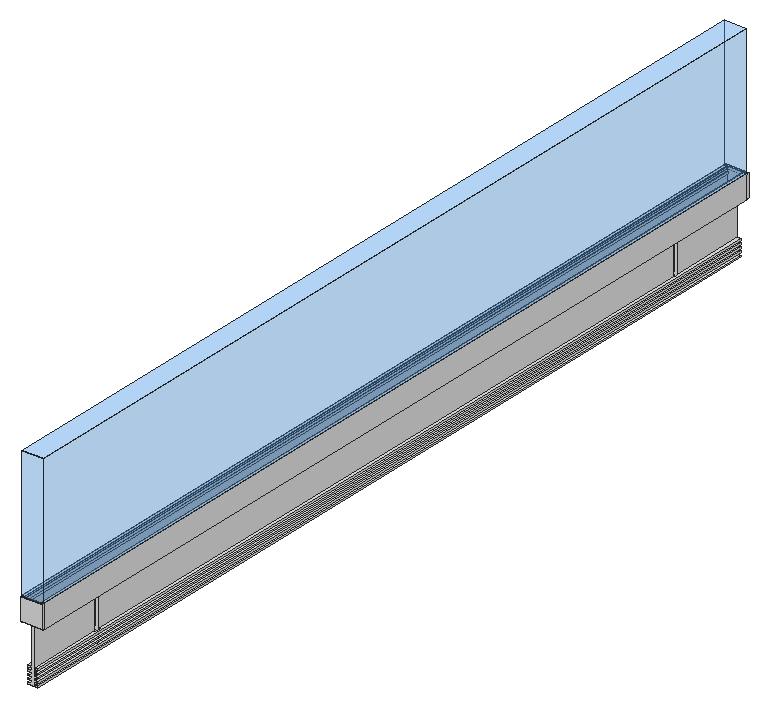
Revit family "TBARLED SMARTLIGHT 9-16_DIRECTIONAL SIGN_REVISED", category Lighting Fixtures, host Face, Revit 2012
Parameters (values of type "2' 9/16 - Directional Sign")
  nu = -0' - 0.608"
  Vo = 0' - 0"
  URL = "http://www.tbarledsmartlight.com/products.php"
  Type Comments = ""
  Tegular Tile [instance] = no
  T [instance] = if(Tegular Tile, 0' 0 5/16", 0' 0")  # 0' - 0"
  Model Created by = ""
  Model = "TBSL-HN-2-15-S-U-W"
  Manufacturer = "JLC-TECH"
  Fixture Length = 2' - 0"
  Description = "T-BAR LED Smartlight 9/16\" - Directional Sign"
  Default Elevation = 4' - 0"
Types (3): name | Vo | Model | Fixture Length
  (no name) | 0' - 0" | "TBSL-HN-2-15-S-U-W" | 2' - 0"
  2' 9/16 - Directional Sign | 0' - 0" | "TBSL-HN-2-15-S-U-W" | 2' - 0"
  4' 9/16 - Directional Sign | 0' - 0 1/16" | "TBSL-HN-4-15-S-U-W" | 4' - 0"
Reference planes (in)
  plane 1 "Center (Front/Back)": y = 0
  plane 2: z = 0
  plane 3 "Center (Left/Right)": x = 0
  plane 4: y = -12
  plane 5: y = 12
  plane 6 "LS": z = 0.62363
  plane 7 "O": z = 0
Dimensions and locks (in)
  equal spacing: plane 4, plane 1 "Center (Front/Back)", plane 5
  "Fixture Length": plane 4 to plane 5
  plane 6 "LS" to nested 1 = 0' - 0 1/64"
  locked: plane 6 "LS" to plane 7 "O" at 0.62363
  "T": plane 2 to plane 7 "O"
  aligned and locked: plane 2 to host face
  aligned and locked: level to host face
  aligned and locked: nested 1 to plane 1 "Center (Front/Back)"
  aligned and locked: nested 2 to nested 1  (x2)
Automatic sketch dimensions
  host sketch curve to host sketch curve = 1' - 3.4199"
  host sketch curve to host sketch curve = 4' - 0.6507"
Nested families (in)
  nested 1: "TBARLED_CASING_15" at (0, 0, 0.608) x (1, 0, 0) z (0, 0, -1), Fixture Length <- "Fixture Length", built-in parameter 1001364 <- "nu", type "TBARLED_CASING"
    with W-Casing 0' - 0 9/16", Fixture Length 2' - 0"
  nested 2: "TBARLED_POLY SIGN LENS" at (0, 0, 0.59335) x (1, 0, 0) z (0, 0, -1), type "TBARLED_POLY SIGN LENS"
    with Wb 0' - 0.70866", W 0' - 0 9/16", Text Display yes, Sign Text Height 0' - 1 1/2", Sign Text "TBar LED Smart Light", Sign Lens Length 1' - 11 1/32", Lens Text Color none
Definition of nested family "TBARLED_CASING_15"
  Parameters (values of type "TBARLED_CASING")
    W-Casing [instance] = 0' - 0 9/16"
    URL = "http://www.tbarledsmartlight.com/products.php"
    Model Created by = "Absolutecg.com"  # constant formula
    Manufacturer = "JLC - TECH"  # constant formula
    Lens Cover [instance] = 1' - 11 1/32"
    H1 = 0' - 2 1/32"  # constant formula
    Fixture Length [instance] = 2' - 0"
    Default Elevation = 4' - 0"
    Casing Material = TBAR-LED Casing Material
  Reference planes (in)
    plane 1 "Center (Front/Back)": y = 0
    plane 2: z = 0
    plane 3 "Center (Left/Right)": x = 0
    plane 4: y = -11.5625
    plane 5: y = 11.5625
    plane 6: x = -0.28125
    plane 7: x = 0.28125
    plane 8 "T": z = 2.01181
    plane 9: y = 12
    plane 10: y = -12
    plane 11 "1b": y = 11.51562
    plane 12 "1a": y = -11.51563
    plane 13 "2": y = 9.48437
    plane 14: y = -9.48438
    plane 15: z = 0.608
  Forms (in)
    Extrusion 1, solid, material "TBAR-LED Casing Material" <- "Casing Material", detail levels medium+fine
      sketch origin (0, 0, 0) x (1, 0, 0) y (0, 0, 1)
        loop
          line (0.1378, 2.01181) -> (-0.1378, 2.01181) -> (-0.1378, 1.97244) -> (-0.03937, 1.97244) -> (-0.03937, 1.91339) -> (-0.1378, 1.91339) -> (-0.1378, 1.87402) -> (-0.03937, 1.87402) -> (-0.03937, 1.81496) -> (-0.1378, 1.81496) -> (-0.1378, 1.77559) -> (-0.03937, 1.77559) -> (-0.03937, 1.71654) -> (-0.1378, 1.71654) -> (-0.1378, 1.67717) -> (-0.03937, 1.67717) -> (-0.03937, 1.61811) -> (-0.1378, 1.61811) -> (-0.1378, 1.57874) -> (-0.03937, 1.57874) -> (-0.03937, 0.5748) -> (-0.07062, 0.5748) -> (-0.07062, 0.53543) -> (-0.10628, 0.53543) -> (-0.10628, 0.5748) -> (-0.14565, 0.5748) -> (-0.14565, 0.53543) -> (-0.18502, 0.53543) -> (-0.18502, 0.5748) -> (-0.22439, 0.5748) -> (-0.22439, 0.53543)
          arc (-0.22439, 0.53543) -> (-0.25223, 0.54696) -> (-0.26376, 0.5748) r 0.03937
          line (-0.26376, 0.5748) -> (-0.26376, 0.608) -> (-0.29528, 0.608) -> (-0.29528, 0) -> (-0.20866, 0) -> (-0.20866, 0.03543) -> (-0.24016, 0.03543) -> (-0.24016, 0.12598) -> (-0.20866, 0.12598) -> (-0.20866, 0.16535) -> (-0.24016, 0.16535) -> (-0.24016, 0.48031) -> (0.24016, 0.48031) -> (0.24016, 0.16535) -> (0.20866, 0.16535) -> (0.20866, 0.12598) -> (0.24016, 0.12598) -> (0.24016, 0.03543) -> (0.20866, 0.03543) -> (0.20866, 0) -> (0.29528, 0) -> (0.29528, 0.608) -> (0.26376, 0.608) -> (0.26376, 0.5748)
          arc (0.26376, 0.5748) -> (0.25223, 0.54696) -> (0.22439, 0.53543) r 0.03937
          line (0.22439, 0.53543) -> (0.22439, 0.5748) -> (0.18502, 0.5748) -> (0.18502, 0.53543) -> (0.14565, 0.53543) -> (0.14565, 0.5748) -> (0.10628, 0.5748) -> (0.10628, 0.53543) -> (0.07062, 0.53543) -> (0.07062, 0.5748) -> (0.03937, 0.5748) -> (0.03937, 1.57874) -> (0.1378, 1.57874) -> (0.1378, 1.61811) -> (0.03937, 1.61811) -> (0.03937, 1.67717) -> (0.1378, 1.67717) -> (0.1378, 1.71654) -> (0.03937, 1.71654) -> (0.03937, 1.77559) -> (0.1378, 1.77559) -> (0.1378, 1.81496) -> (0.03937, 1.81496) -> (0.03937, 1.87402) -> (0.1378, 1.87402) -> (0.1378, 1.91339) -> (0.03937, 1.91339) -> (0.03937, 1.97244) -> (0.1378, 1.97244) -> (0.1378, 2.01181)
      from -11.51563 to 11.51563
    Sweep 2, void
      path origin (0, 9.48437, 0) x (1, 0, 0) y (0, 0, 1)
        loop
          line (0, 0.48031) -> (0, 2.01181)
      profile origin (0, 9.48437, 1.24606) x (-1, 0, 0) y (0, -1, 0)
        loop
          circle (0, 0) r 0.09375
    Sweep 3, void
      path origin (0, -9.48438, 0) x (1, 0, 0) y (0, 0, 1)
        loop
          line (0, 0.48031) -> (0, 2.01181)
      profile origin (0, -9.48438, 1.24606) x (-1, 0, 0) y (0, -1, 0)
        loop
          circle (0, 0) r 0.09375
    Extrusion 4, solid, material "TBAR-LED Casing Material" <- "Casing Material", detail levels coarse
      sketch origin (0, 0, 0) x (1, 0, 0) y (0, 0, 1)
        loop
          line (-0.1378, 2.01181) -> (-0.1378, 1.57874) -> (-0.03937, 1.57874) -> (-0.03937, 0.5748) -> (-0.29528, 0.5748) -> (-0.29528, 0) -> (-0.20472, 0) -> (-0.20472, 0.12598) -> (0.20472, 0.12598) -> (0.20472, 0) -> (0.29528, 0) -> (0.29528, 0.5748) -> (0.03937, 0.5748) -> (0.03937, 1.57874) -> (0.1378, 1.57874) -> (0.1378, 2.01181) -> (-0.1378, 2.01181)
      from -11.51563 to 11.51563
    Extrusion 5, solid, material "TBAR-LED Casing Material" <- "Casing Material"
      sketch origin (0, -11.51563, 0) x (1, 0, 0) y (0, 0, 1)
        loop
          line (-0.29528, 0) -> (0.29528, 0) -> (0.29528, 0.5748) -> (-0.29528, 0.5748) -> (-0.29528, 0)
      from 0 to 0.04688
    Extrusion 6, solid, material "TBAR-LED Casing Material" <- "Casing Material"
      sketch origin (0, 11.51562, 0) x (-1, 0, 0) y (0, 0, 1)
        loop
          line (0.29528, 0) -> (0.29528, 0.5748) -> (-0.29528, 0.5748) -> (-0.29528, 0) -> (0.29528, 0)
      from 0 to 0.04688
  Cuts and joins
    Sweep 2, Sweep 3 cuts Extrusion 1
  Dimensions and locks (in)
    equal spacing: plane 7, plane 3 "Center (Left/Right)", plane 6
    "W-Casing": plane 6 to plane 7
    plane 8 "T" to level = 0' - 2.01181"
    equal spacing: plane 4, plane 1 "Center (Front/Back)", plane 5
    locked: plane 9 to plane 5 at 0.4375
    locked: plane 10 to plane 4 at 0.4375
    "H1": plane 11 "1b" to plane 13 "2"
    "H1": plane 12 "1a" to plane 14
    "Fixture Length": plane 9 to plane 10
    locked: plane 15 to level at 0.608
    locked: plane 5 to plane 11 "1b" at 0.04688
    locked: plane 4 to plane 12 "1a" at 0.04687
    "Lens Cover": plane 12 "1a" to plane 11 "1b"
    aligned and locked: plane 2 to level
    aligned and locked: plane 11 "1b" to Extrusion 1
    aligned and locked: plane 12 "1a" to Extrusion 1
    aligned and locked: plane 8 "T" to Sweep 2 sketch curve
    aligned and locked: Extrusion 1 to Sweep 2 sketch curve
    aligned and locked: plane 11 "1b" to Extrusion 4
    aligned and locked: plane 12 "1a" to Extrusion 4
    aligned and locked: Extrusion 5 sketch curve to Extrusion 4  (x3)
    aligned and locked: cut or joined group of Extrusion 1, Sweep 2, Sweep 3 to Extrusion 5 sketch curve
    aligned and locked: plane 4 to Extrusion 5
    aligned and locked: plane 5 to Extrusion 6
    aligned and locked: Extrusion 6 to plane 11 "1b"
    aligned and locked: plane 15 to cut or joined group of Extrusion 1, Sweep 2, Sweep 3
  Automatic sketch dimensions
    Extrusion 1 sketch curve to level = 0' - 0"  (x2)
    Extrusion 1 sketch curve to plane 8 "T" = 0' - 0"
    plane 6 to Extrusion 1 sketch curve = 0' - 0.01403"
    Extrusion 1 sketch curve to plane 6 = 0' - 0.01749"
    Extrusion 1 sketch curve to plane 6 = 0' - 0.04109"  (x2)
    Extrusion 1 sketch curve to Extrusion 1 sketch curve = 0' - 0.03937"  (x21)
    Extrusion 1 sketch curve to Extrusion 1 sketch curve = 0' - 0.0315"  (x3)
    Extrusion 1 sketch curve to plane 3 "Center (Left/Right)" = 0' - 0.1378"  (x2)
    Extrusion 1 sketch curve to Extrusion 1 sketch curve = 0' - 0"  (x17)
    Extrusion 1 sketch curve to Extrusion 1 sketch curve = 0' - 0.03566"  (x2)
    Extrusion 1 sketch curve to Extrusion 1 sketch curve = 0' - 0 1/32"  (x2)
    Extrusion 1 sketch curve to plane 3 "Center (Left/Right)" = 0' - 0.03937"  (x4)
    plane 3 "Center (Left/Right)" to Extrusion 1 sketch curve = 0' - 0.03937"  (x4)
    Extrusion 1 sketch curve to Extrusion 1 sketch curve = 0' - 0.09843"
    level to Extrusion 1 sketch curve = 0' - 0.03543"  (x2)
    Extrusion 1 sketch curve to plane 7 = 0' - 0.07259"  (x2)
    Extrusion 1 sketch curve to plane 7 = 0' - 0.04109"
    Extrusion 1 sketch curve to plane 7 = 0' - 0.01749"
    plane 7 to Extrusion 1 sketch curve = 0' - 0.01403"
    Extrusion 1 sketch curve to Extrusion 1 sketch curve = 0' - 0.09055"  (x2)
    Extrusion 1 sketch curve to Extrusion 1 sketch curve = 0' - 0.05512"
    Extrusion 1 sketch curve to plane 8 "T" = 0' - 0.43307"
    Extrusion 1 sketch curve to Extrusion 1 sketch curve = 0' - 0.05906"  (x6)
    Extrusion 1 sketch curve to plane 8 "T" = 0' - 0.03937"
    Sweep 2 sketch curve to plane 3 "Center (Left/Right)" = 0' - 0"
    plane 13 "2" to Sweep 2 sketch curve = 0' - 0"
    Sweep 2 sketch curve to profile plane = 0' - 0"
    Sweep 3 sketch curve to plane 3 "Center (Left/Right)" = 0' - 0"
    Sweep 3 sketch curve to plane 8 "T" = 0' - 0"
    plane 14 to Sweep 3 sketch curve = 0' - 0"
    Sweep 3 sketch curve to profile plane = 0' - 0"
    Extrusion 4 sketch curve to level = 0' - 0"  (x2)
    Extrusion 4 sketch curve to plane 8 "T" = 0' - 0"
    plane 6 to Extrusion 4 sketch curve = 0' - 0.01403"
    Extrusion 4 sketch curve to plane 6 = 0' - 0.07653"
    Extrusion 4 sketch curve to plane 3 "Center (Left/Right)" = 0' - 0.1378"
    Extrusion 4 sketch curve to plane 3 "Center (Left/Right)" = 0' - 0.03937"
    plane 3 "Center (Left/Right)" to Extrusion 4 sketch curve = 0' - 0.03937"
    Extrusion 4 sketch curve to Extrusion 4 sketch curve = 0' - 0.09843"
    Extrusion 4 sketch curve to plane 7 = 0' - 0.07653"
    plane 7 to Extrusion 4 sketch curve = 0' - 0.01403"
    Extrusion 4 sketch curve to Extrusion 4 sketch curve = 0' - 0.12598"
    Extrusion 4 sketch curve to plane 8 "T" = 0' - 0.43307"
    Extrusion 4 sketch curve to Extrusion 4 sketch curve = 0' - 0"  (x2)
    Extrusion 1 sketch curve to Extrusion 1 sketch curve = 0' - 0.31496"
    Extrusion 1 sketch curve to Extrusion 1 sketch curve = 0' - 0.0332"  (x2)
    level to Sweep 3 sketch curve = 0' - 0.48031"
    Extrusion 4 sketch curve to Extrusion 4 sketch curve = 0' - 0.44882"
    Extrusion 6 sketch curve to level = 0' - 0"
    plane 7 to Extrusion 6 sketch curve = 0' - 0.01403"
    plane 6 to Extrusion 6 sketch curve = 0' - 0.01403"
    Extrusion 6 sketch curve to plane 15 = 0' - 0.0332"
    radius of Sweep 2 sketch curve = 0' - 0 3/32"
    radius of Sweep 3 sketch curve = 0' - 0 3/32"
Definition of nested family "TBARLED_POLY SIGN LENS"
  Parameters (values of type "TBARLED_POLY SIGN LENS")
    Wb [instance] = 0' - 0.70866"
    W [instance] = 0' - 0 9/16"
    URL = "http://www.tbarledsmartlight.com/products.php"
    Text Display [instance] = yes
    Sign Text Height [instance] = 0' - 1 1/2"
    Sign Text [instance] = "TBar LED Smart Light"
    Sign Lens Length [instance] = 2' - 0"
    Model Created by = ""
    Manufacturer = "JLC - TECH"  # constant formula
    Lens Text Color [instance] = none
    Lens Material = TBAR-LED Directional Sign Material
    Default Elevation = 4' - 0"
  Reference planes (in)
    plane 1 "Center (Front/Back)": y = 0
    plane 2: z = 0
    plane 3 "Center (Left/Right)": x = 0
    plane 4: y = -12
    plane 5: y = 12
    plane 6: x = -0.28125
    plane 7: x = 0.28125
    plane 8: z = -3.4252
    plane 9 "SA": x = 0.28125
    plane 10 "SB": x = -0.28125
  Forms (in)
    Extrusion 1, solid, material "TBAR-LED Directional Sign Material" <- "Lens Material"
      sketch origin (0, -11.51563, 0) x (1, 0, 0) y (0, 0, 1)
        loop
          line (0.20472, 0.03937) -> (-0.20472, 0.03937) -> (-0.20472, -0.01969) -> (-0.28125, -0.01969) -> (-0.28125, -3.4252) -> (0.28125, -3.4252) -> (0.28125, -0.01969) -> (0.20472, -0.01969) -> (0.20472, 0.03937)
      from 0.48437 to -23.51563
  Dimensions and locks (in)
    equal spacing: plane 7, plane 3 "Center (Left/Right)", plane 6
    locked: level to plane 8 at 3.4252
    "Sign Lens Length": plane 4 to plane 5
    equal spacing: plane 4, plane 1 "Center (Front/Back)", plane 5
    "W": plane 10 "SB" to plane 9 "SA"
    equal spacing: plane 9 "SA", plane 3 "Center (Left/Right)", plane 10 "SB"
    aligned and locked: plane 2 to level
    aligned and locked: plane 5 to Extrusion 1
    aligned and locked: plane 4 to Extrusion 1
    aligned and locked: plane 8 to Extrusion 1
    aligned and locked: plane 9 "SA" to Extrusion 1
    aligned and locked: plane 10 "SB" to Extrusion 1
  Automatic sketch dimensions
    plane 6 to Extrusion 1 sketch curve = 0' - 0"
    plane 7 to Extrusion 1 sketch curve = 0' - 0"
    Extrusion 1 sketch curve to plane 8 = 0' - 0"
    Extrusion 1 sketch curve to level = 0' - 0.01969"  (x2)
    level to Extrusion 1 sketch curve = 0' - 0.03937"
    Extrusion 1 sketch curve to plane 6 = 0' - 0.07653"
    Extrusion 1 sketch curve to Extrusion 1 sketch curve = 0' - 0.07653"
